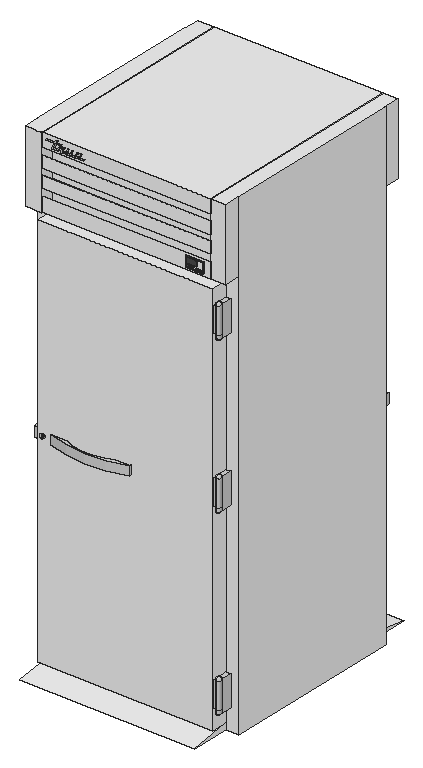
Revit family
Parameters
  Weight in Pounds = 0
  Watts = 2000 W
  Volts = 115 V
  URL Cutsheet = "www.truemfg.com"
  URL = "www.truemfg.com"
  Type Mark [instance] = ""
  Type Comments = ""
  Status [instance] = ""
  Specification by User [instance] = ""
  Specification by Manufacturer = ""
  Show Logo [instance] = yes
  Show Clearance [instance] = yes
  Serial Number = ""
  Seismic Rating = ""
  SMACNA No = ""
  Revision Code [instance] = ""
  Phase = 1
  Omniclass Number and Title = ""
  Number of Poles [instance] = 1
  NAFEM Spec ID Number = ""
  Model = "STG1HRT-1S-1S"
  Min Ckt Ampacity = 0 A
  Max Overcurrent Protection = 0 A
  Masterspec = ""
  Manufacturer = "TRUE FOOD SERVICE EQUIPMENT, INC."
  Length = 35"
  Item Number [instance] = ""
  Installed By [instance] = ""
  Identify Quantity as Lot [instance] = yes
  Height = 83 3/4"
  HP = ""
  Furnished By [instance] = ""
  Foodservice Equipment Identifier [instance] = yes
  FL Amps = Watts / Volts  # 17.3913 A
  Electrical Remarks [instance] = ""
  Electric Connection Type [instance] = ""
  Elec Conn RI Height [instance] = 0"
  Elec Conn Connection Height [instance] = 0"
  Description = "Roll-thru Solid Swing Door Heated Cabinet"
  Depth = 37 1/2"
  Cycle = 60 Hz
  Conn Plug = "14-20P"
  Conn Conduit = yes
  CSI MasterFormat = ""
  CSI Master Format = ""
  Apparent Power = if(Phase = 3, Volts * FL Amps * 1.73, Volts * FL Amps)  # 2000 VA
Reference planes (in)
  plane 1 "BACK": y = 0
  plane 2: z = 0
  plane 3 "LEFT": x = 0
  plane 4 "RIGHT": x = 35
  plane 5 "FRONT": y = -37.5
  plane 6 "TOP": z = 83.75
  plane 7: x = 2.84375
  plane 8: y = -37.4542
  plane 9: x = 32.15625
  plane 10: y = -0.0458
  plane 11: y = -18.75
  plane 12: z = 69.90625
Forms (in)
  Extrusion 1, solid, material "QF_Finishes_Chrome - Satin"
    sketch origin (0.05, 0, 0) x (1, 0, 0) y (0, 1, 0)
      loop
        line (-0.05, -2.75) -> (-0.05, -34.75) -> (2.87859, -34.75) -> (2.87859, -2.75) -> (-0.05, -2.75)
    from 0 to 83.75
  Extrusion 2, solid, material "QF_Finishes_Chrome - Satin"
    sketch origin (50.15, 0, 0) x (1, 0, 0) y (0, 1, 0)
      loop
        line (-17.85, -2.75) -> (-17.85, -34.75) -> (-15.15, -34.75) -> (-15.15, -2.75) -> (-17.85, -2.75)
    from 0 to 83.75
  Extrusion 3, solid, material "QF_Finishes_Chrome - Satin"
    sketch origin (0, 0, 0) x (0, 1, 0) y (0, 0, 1)
      loop
        line (-37.4542, 71.28125) -> (-34.75, 71.28125) -> (-34.75, 0) -> (-2.75, 0) -> (-2.75, 71.28125) -> (-0.0458, 71.28125) -> (-0.0458, 73.81726) -> (-2.25, 72.25) -> (-2.25, 73.52557) -> (-0.0458, 75.09284) -> (-0.0458, 77.18904) -> (-2.25, 75.62178) -> (-2.25, 76.58254) -> (-0.0458, 78.1498) -> (-0.0458, 80.28351) -> (-2.25, 78.71625) -> (-2.25, 79.83852) -> (-0.0458, 81.40578) -> (-0.0458, 83.75) -> (-37.4542, 83.75) -> (-37.4542, 81.40578) -> (-35.25, 79.83852) -> (-35.25, 78.71625) -> (-37.4542, 80.28351) -> (-37.4542, 78.1498) -> (-35.25, 76.58254) -> (-35.25, 75.62178) -> (-37.4542, 77.18904) -> (-37.4542, 75.09284) -> (-35.25, 73.52557) -> (-35.25, 72.25) -> (-37.4542, 73.81726) -> (-37.4542, 71.28125)
    from 2.92859 to 32.3
  Extrusion 4, solid, material "QF_Finishes_Chrome - Satin"
    sketch origin (0, 0, 0) x (1, 0, 0) y (0, 1, 0)
      loop
        line (34.84782, -34.75) -> (32.3, -34.75) -> (32.3, -37.5) -> (34.84782, -37.5) -> (34.84782, -34.75)
      loop
        line (34.84782, -2.75) -> (34.84782, 0) -> (32.3, 0) -> (32.3, -2.75) -> (34.84782, -2.75)
    from 71.28125 to 83.75
  Extrusion 5, solid, material "QF_Finishes_Chrome - Satin"
    sketch origin (-50.125, 0, 0.25) x (1, 0, 0) y (0, 1, 0)
      loop
        line (53.05359, -34.75) -> (50.24109, -34.75) -> (50.24109, -37.5) -> (53.05359, -37.5) -> (53.05359, -34.75)
      loop
        line (53.05359, -2.75) -> (53.05359, 0) -> (50.24109, 0) -> (50.24109, -2.75) -> (53.05359, -2.75)
    from 71.03125 to 83.5
  Extrusion 6, solid, material "QF_Finishes_Chrome - Satin"
    sketch origin (-24.96875, -3.75, -0.71875) x (1, 0, 0) y (0, 0, 1)
      loop
        line (27.25, 1.71875) -> (57.65625, 1.71875) -> (57.65625, 70.625) -> (27.25, 70.625) -> (27.25, 1.71875)
    from 31 to 33.75
  Extrusion 7, solid, material "QF_Finishes_Handrails and Railings"
    sketch origin (58.625, -0.25, 24.93519) x (1, 0, 0) y (0, 1, 0)
      loop
        line (-53.875, -37.25) -> (-53.875, -37.45)
        arc (-53.875, -37.45) -> (-47.075, -38.65633) -> (-40.275, -37.45) r 19.7687
        line (-40.275, -37.45) -> (-40.275, -37.25) -> (-42.675, -37.25)
        arc (-42.675, -37.25) -> (-47.075, -38.40816) -> (-51.475, -37.25) r 8.93713
        line (-51.475, -37.25) -> (-53.875, -37.25)
    from 10.87731 to 12.37731
  Extrusion 8, solid, material "QF_Finishes_Handrails and Railings"
    sketch origin (-23.375, -3.83467, -3.5) x (1, 0, 0) y (0, 0, 1)
      loop
        circle (26.4375, 40.0625) r 0.35
      loop
        line (26.47265, 40.33635) -> (26.41715, 40.33635) -> (26.41715, 39.76895) -> (26.47265, 39.76895) -> (26.47265, 40.33635)
    from 33.5 to 33.83066
  Extrusion 9, solid, material "QF_Finishes_Handrails and Railings", visible <- "Show Logo"
    sketch origin (0.33478, -2.68623, 4.98732) x (1, 0, 0) y (0, 0, 1)
      loop
        line (3.46044, 78.08731) -> (3.35478, 77.86073) -> (4.76027, 77.86073)
        arc (4.76027, 77.86073) -> (4.78879, 77.81028) -> (4.76027, 77.75984) r 0.05887
        line (4.76027, 77.75984) -> (4.39369, 76.97372)
        arc (4.39369, 76.97372) -> (4.39051, 76.90091) -> (4.43975, 76.84717) r 0.09523
        line (4.43975, 76.84717) -> (5.33844, 76.84717)
        arc (5.33844, 76.84717) -> (5.45192, 76.88295) -> (5.52436, 76.97735) r 0.19785
        line (5.52436, 76.97735) -> (5.81285, 77.59601) -> (6.0779, 77.59601)
        arc (6.0779, 77.59601) -> (6.14744, 77.57043) -> (6.13737, 77.49703) r 0.05911
        line (6.13737, 77.49703) -> (5.89598, 76.97937)
        arc (5.89598, 76.97937) -> (5.89974, 76.8934) -> (5.97231, 76.84717) r 0.09318
        line (5.97231, 76.84717) -> (6.76198, 76.84717)
        arc (6.76198, 76.84717) -> (6.82249, 76.86919) -> (6.85468, 76.92495) r 0.09412
        arc (6.85468, 76.92495) -> (6.87746, 76.86995) -> (6.93246, 76.84717) r 0.07778
        line (6.93246, 76.84717) -> (7.43246, 76.84717)
        arc (7.43246, 76.84717) -> (7.49022, 76.86265) -> (7.53251, 76.90493) r 0.11552
        arc (7.53251, 76.90493) -> (7.55275, 76.85606) -> (7.60162, 76.83581) r 0.06912
        line (7.60162, 76.83581) -> (8.31225, 76.83581)
        arc (8.31225, 76.83581) -> (8.37034, 76.85988) -> (8.39441, 76.91797) r 0.08216
        arc (8.39441, 76.91797) -> (8.44767, 76.86472) -> (8.52042, 76.84522) r 0.14551
        line (8.52042, 76.84522) -> (9.85158, 76.84522) -> (9.99946, 77.10134) -> (8.65678, 77.10134)
        arc (8.65678, 77.10134) -> (8.61972, 77.12704) -> (8.61834, 77.17211) r 0.05009
        line (8.61834, 77.17211) -> (8.64157, 77.22192)
        arc (8.64157, 77.22192) -> (8.67723, 77.26864) -> (8.73327, 77.28635) r 0.09747
        line (8.73327, 77.28635) -> (9.16485, 77.28635)
        arc (9.16485, 77.28635) -> (9.258, 77.31131) -> (9.32619, 77.3795) r 0.1863
        line (9.32619, 77.3795) -> (9.45119, 77.59601)
        arc (9.45119, 77.59601) -> (9.45119, 77.71157) -> (9.35111, 77.76934) r 0.11556
        line (9.35111, 77.76934) -> (8.89562, 77.76934)
        arc (8.89562, 77.76934) -> (8.7795, 77.74962) -> (8.69849, 77.66412) r 0.18605
        line (8.69849, 77.66412) -> (8.48204, 77.19993)
        arc (8.48204, 77.19993) -> (8.41815, 77.11667) -> (8.31806, 77.08511) r 0.1745
        line (8.31806, 77.08511) -> (7.84559, 77.08511)
        arc (7.84559, 77.08511) -> (7.78903, 77.14684) -> (7.79268, 77.23048) r 0.10939
        line (7.79268, 77.23048) -> (8.04395, 77.76934) -> (7.88403, 77.76934) -> (7.61781, 77.19844)
        arc (7.61781, 77.19844) -> (7.56609, 77.13103) -> (7.48505, 77.10548) r 0.14128
        line (7.48505, 77.10548) -> (7.15925, 77.10548)
        arc (7.15925, 77.10548) -> (7.10419, 77.17723) -> (7.116, 77.26689) r 0.11816
        line (7.116, 77.26689) -> (7.3503, 77.76934) -> (7.18514, 77.76934) -> (6.91546, 77.191)
        arc (6.91546, 77.191) -> (6.85285, 77.12839) -> (6.76733, 77.10548) r 0.17104
        line (6.76733, 77.10548) -> (6.29555, 77.10548)
        arc (6.29555, 77.10548) -> (6.21082, 77.14499) -> (6.20267, 77.23813) r 0.0935
        line (6.20267, 77.23813) -> (6.35774, 77.57069) -> (6.57695, 77.57069)
        arc (6.57695, 77.57069) -> (6.61395, 77.68217) -> (6.69267, 77.76934) r 0.2857
        line (6.69267, 77.76934) -> (5.83605, 77.76934)
        arc (5.83605, 77.76934) -> (5.74086, 77.74824) -> (5.67498, 77.67635) r 0.16212
        line (5.67498, 77.67635) -> (5.44279, 77.17841)
        arc (5.44279, 77.17841) -> (5.3894, 77.12502) -> (5.31647, 77.10548) r 0.14586
        line (5.31647, 77.10548) -> (4.80506, 77.10548)
        arc (4.80506, 77.10548) -> (4.76514, 77.15942) -> (4.77274, 77.22609) r 0.09155
        line (4.77274, 77.22609) -> (5.11018, 77.86073) -> (5.96155, 77.86073) -> (6.06721, 78.08731) -> (5.21584, 78.08731) -> (5.32149, 78.31388) -> (5.01862, 78.31388) -> (4.91297, 78.08731) -> (3.46044, 78.08731)
      loop
        arc (8.83805, 77.56363) -> (8.80119, 77.55375) -> (8.7742, 77.52676) r 0.07373
        line (8.7742, 77.52676) -> (8.75229, 77.45936)
        arc (8.75229, 77.45936) -> (8.76245, 77.43483) -> (8.78699, 77.42466) r 0.0347
        line (8.78699, 77.42466) -> (9.15948, 77.42466)
        arc (9.15948, 77.42466) -> (9.18632, 77.43061) -> (9.20812, 77.44734) r 0.0635
        line (9.20812, 77.44734) -> (9.22624, 77.53122)
        arc (9.22624, 77.53122) -> (9.22091, 77.55368) -> (9.20009, 77.56363) r 0.02676
        line (9.20009, 77.56363) -> (8.83805, 77.56363)
    from 34.76797 to 34.83173
  Extrusion 10, solid, material "QF_Finishes_White"
    sketch origin (-22.74812, -2.7042, -7.97497) x (1, 0, 0) y (0, 0, 1)
      loop
        line (50.81732, 81.35727) -> (50.81732, 79.60996) -> (53.72357, 79.60996) -> (53.72357, 81.35727) -> (50.81732, 81.35727)
    from 34.75 to 34.76797
  Extrusion 11, solid, material "QF_Finishes_Black"
    sketch origin (-22.74812, -2.7042, -7.97497) x (1, 0, 0) y (0, 0, 1)
      loop
        line (53.78607, 81.41977) -> (50.75482, 81.41977) -> (50.75482, 79.54746) -> (53.78607, 79.54746) -> (53.78607, 81.41977)
      loop
        spline (50.95482, 79.87872) -> (50.96333, 79.86254) -> (50.98831, 79.84747) -> (51.02804, 79.83452) -> (51.07982, 79.82459) -> (51.14011, 79.81835) -> (51.20482, 79.81622) -> (51.26952, 79.81835) -> (51.32982, 79.82459) -> (51.38159, 79.83452) -> (51.42132, 79.84747) -> (51.4463, 79.86254) -> (51.45482, 79.87872)
        spline (51.45482, 79.87872) -> (51.4463, 79.89489) -> (51.42132, 79.90997) -> (51.38159, 79.92291) -> (51.32982, 79.93284) -> (51.26952, 79.93909) -> (51.20482, 79.94122) -> (51.14011, 79.93909) -> (51.07982, 79.93284) -> (51.02804, 79.92291) -> (50.98831, 79.90997) -> (50.96333, 79.89489) -> (50.95482, 79.87872)
      loop
        spline (51.65083, 79.87872) -> (51.65935, 79.86254) -> (51.68432, 79.84747) -> (51.72405, 79.83452) -> (51.77583, 79.82459) -> (51.83612, 79.81835) -> (51.90083, 79.81622) -> (51.96553, 79.81835) -> (52.02583, 79.82459) -> (52.07761, 79.83452) -> (52.11734, 79.84747) -> (52.14231, 79.86254) -> (52.15083, 79.87872)
        spline (52.15083, 79.87872) -> (52.14231, 79.89489) -> (52.11734, 79.90997) -> (52.07761, 79.92291) -> (52.02583, 79.93284) -> (51.96553, 79.93909) -> (51.90083, 79.94122) -> (51.83612, 79.93909) -> (51.77583, 79.93284) -> (51.72405, 79.92291) -> (51.68432, 79.90997) -> (51.65935, 79.89489) -> (51.65083, 79.87872)
      loop
        spline (52.40083, 79.87872) -> (52.40935, 79.86254) -> (52.43432, 79.84747) -> (52.47405, 79.83452) -> (52.52583, 79.82459) -> (52.58612, 79.81835) -> (52.65083, 79.81622) -> (52.71553, 79.81835) -> (52.77583, 79.82459) -> (52.82761, 79.83452) -> (52.86734, 79.84747) -> (52.89231, 79.86254) -> (52.90083, 79.87872)
        spline (52.90083, 79.87872) -> (52.89231, 79.89489) -> (52.86734, 79.90997) -> (52.82761, 79.92291) -> (52.77583, 79.93284) -> (52.71553, 79.93909) -> (52.65083, 79.94122) -> (52.58612, 79.93909) -> (52.52583, 79.93284) -> (52.47405, 79.92291) -> (52.43432, 79.90997) -> (52.40935, 79.89489) -> (52.40083, 79.87872)
      loop
        line (50.95481, 81.21978) -> (50.95481, 80.21978) -> (52.65433, 80.21978) -> (52.65433, 81.21978) -> (50.95481, 81.21978)
      loop
        line (53.72357, 81.35727) -> (50.81732, 81.35727) -> (50.81732, 79.60996) -> (53.72357, 79.60996) -> (53.72357, 81.35727)
      loop
        spline (53.15083, 79.87872) -> (53.15935, 79.86254) -> (53.18432, 79.84747) -> (53.22405, 79.83452) -> (53.27583, 79.82459) -> (53.33612, 79.81835) -> (53.40083, 79.81622) -> (53.46553, 79.81835) -> (53.52583, 79.82459) -> (53.57761, 79.83452) -> (53.61734, 79.84747) -> (53.64231, 79.86254) -> (53.65083, 79.87872)
        spline (53.65083, 79.87872) -> (53.64231, 79.89489) -> (53.61734, 79.90997) -> (53.57761, 79.92291) -> (53.52583, 79.93284) -> (53.46553, 79.93909) -> (53.40083, 79.94122) -> (53.33612, 79.93909) -> (53.27583, 79.93284) -> (53.22405, 79.92291) -> (53.18432, 79.90997) -> (53.15935, 79.89489) -> (53.15083, 79.87872)
    from 34.76797 to 34.80335
  Extrusion 12, solid
    sketch origin (-25.125, 0, 0) x (1, 0, 0) y (0, 0, 1)
      loop
        circle (56.875, 81.625) r 0.25
    from 0 to 0.0625
  Blend 13, solid, material "QF_Finishes_Handrails and Railings"
    base sketch origin (27.53125, -3.75, -1.5) x (-1, 0, 0) y (0, 0, -1)
      loop
        line (25.25, -38.99169) -> (26, -38.99169) -> (26, -37.24169) -> (25.25, -37.24169) -> (25.25, -38.99169)
    top sketch origin (27.53125, 0, -1.5) x (-1, 0, 0) y (0, 0, -1)
      loop
        line (26.18223, -36.6441) -> (25.25, -36.6441) -> (25.25, -39.42643) -> (26.18223, -39.42643) -> (26.18223, -36.6441)
    from 33.57883 to 34.75
  Extrusion 14, solid, material "QF_Finishes_Handrails and Railings"
    sketch origin (33.78125, 0, 3.25) x (0, 1, 0) y (0, 0, -1)
      loop
        line (-34.75, -64.17729) -> (-34.75, -58.86127) -> (-37, -58.86127) -> (-37, -59.57348) -> (-36.56497, -59.57348) -> (-36.56497, -63.97276)
        arc (-36.56497, -63.97276) -> (-36.50506, -64.11738) -> (-36.36044, -64.17729) r 0.20453
        line (-36.36044, -64.17729) -> (-34.75, -64.17729)
    from 0.17506 to 1
  Revolve 15, solid, material "QF_Finishes_Handrails and Railings"
    sketch origin (33.28125, 0, 3.25) x (0, 1, 0) y (0, 0, -1)
      loop
        line (-37.01563, -59.62689) -> (-37.42229, -59.62689) -> (-37.42229, -64.0986)
        arc (-37.42229, -64.0986) -> (-37.28722, -64.35057) -> (-37.01563, -64.43983) r 0.3848
        line (-37.01563, -64.43983) -> (-37.01563, -59.62689)
      loop
        line (-37.01563, -59.57348) -> (-37.01563, -58.67281)
        arc (-37.01563, -58.67281) -> (-37.28264, -58.75883) -> (-37.42229, -59.00212) r 0.38884
        line (-37.42229, -59.00212) -> (-37.42229, -59.57348) -> (-37.01563, -59.57348)
      axis (-37.01563, -58.67281) -> (-37.01563, -64.43983)
    angle from 0 to 360
  Extrusion 16, solid, material "QF_Finishes_Handrails and Railings"
    sketch origin (27.5, -3.82734, 3.2511) x (-1, 0, 0) y (0, 0, -1)
      loop
        line (-5.58509, -64.0986) -> (-5.1875, -64.0986) -> (-5.1875, -59.62579) -> (-5.58509, -59.62579) -> (-5.58509, -64.0986)
    from 32.81497 to 33.59495
  Extrusion 17, solid, material "QF_Finishes_Handrails and Railings"
    sketch origin (33.78125, 0, -24) x (0, 1, 0) y (0, 0, -1)
      loop
        line (-34.75, -64.55229) -> (-34.75, -59.23627) -> (-37, -59.23627) -> (-37, -59.94848) -> (-36.56497, -59.94848) -> (-36.56497, -64.34776)
        arc (-36.56497, -64.34776) -> (-36.50506, -64.49238) -> (-36.36044, -64.55229) r 0.20453
        line (-36.36044, -64.55229) -> (-34.75, -64.55229)
    from 0.17506 to 1
  Revolve 18, solid, material "QF_Finishes_Handrails and Railings"
    sketch origin (33.28125, 0, -24) x (0, 1, 0) y (0, 0, -1)
      loop
        line (-37.01563, -60.00189) -> (-37.42229, -60.00189) -> (-37.42229, -64.4736)
        arc (-37.42229, -64.4736) -> (-37.28722, -64.72557) -> (-37.01563, -64.81483) r 0.3848
        line (-37.01563, -64.81483) -> (-37.01563, -60.00189)
      loop
        line (-37.01563, -59.94848) -> (-37.01563, -59.04781)
        arc (-37.01563, -59.04781) -> (-37.28264, -59.13383) -> (-37.42229, -59.37712) r 0.38884
        line (-37.42229, -59.37712) -> (-37.42229, -59.94848) -> (-37.01563, -59.94848)
      axis (-37.01563, -59.04781) -> (-37.01563, -64.81483)
    angle from 0 to 360
  Extrusion 19, solid, material "QF_Finishes_Handrails and Railings"
    sketch origin (27.5, -3.82734, -23.9989) x (-1, 0, 0) y (0, 0, -1)
      loop
        line (-5.58509, -64.4736) -> (-5.1875, -64.4736) -> (-5.1875, -60.00079) -> (-5.58509, -60.00079) -> (-5.58509, -64.4736)
    from 32.81497 to 33.59495
  Extrusion 20, solid, material "QF_Finishes_Handrails and Railings"
    sketch origin (33.78125, 0, -55.5) x (0, 1, 0) y (0, 0, -1)
      loop
        line (-34.75, -64.55229) -> (-34.75, -59.23627) -> (-37, -59.23627) -> (-37, -59.94848) -> (-36.56497, -59.94848) -> (-36.56497, -64.34776)
        arc (-36.56497, -64.34776) -> (-36.50506, -64.49238) -> (-36.36044, -64.55229) r 0.20453
        line (-36.36044, -64.55229) -> (-34.75, -64.55229)
    from 0.17506 to 1
  Revolve 21, solid, material "QF_Finishes_Handrails and Railings"
    sketch origin (33.28125, 0, -55.5) x (0, 1, 0) y (0, 0, -1)
      loop
        line (-37.01563, -60.00189) -> (-37.42229, -60.00189) -> (-37.42229, -64.4736)
        arc (-37.42229, -64.4736) -> (-37.28722, -64.72557) -> (-37.01563, -64.81483) r 0.3848
        line (-37.01563, -64.81483) -> (-37.01563, -60.00189)
      loop
        line (-37.01563, -59.94848) -> (-37.01563, -59.04781)
        arc (-37.01563, -59.04781) -> (-37.28264, -59.13383) -> (-37.42229, -59.37712) r 0.38884
        line (-37.42229, -59.37712) -> (-37.42229, -59.94848) -> (-37.01563, -59.94848)
      axis (-37.01563, -59.04781) -> (-37.01563, -64.81483)
    angle from 0 to 360
  Extrusion 22, solid, material "QF_Finishes_Handrails and Railings"
    sketch origin (27.5, -3.82734, -55.4989) x (-1, 0, 0) y (0, 0, -1)
      loop
        line (-5.58509, -64.4736) -> (-5.1875, -64.4736) -> (-5.1875, -60.00079) -> (-5.58509, -60.00079) -> (-5.58509, -64.4736)
    from 32.81497 to 33.59495
  Extrusion 23, solid, material "QF_Finishes_Door Clearance", visible <- "Show Clearance", detail levels coarse
    sketch origin (26.42841, -3.6098, 0) x (1, 0, 0) y (0, 1, 0)
      loop
        line (6.32159, -33.8902) -> (-24.14716, -33.8902)
        arc (-24.14716, -33.8902) -> (-15.22307, -55.43486) -> (6.32159, -64.35895) r 30.46875
        line (6.32159, -64.35895) -> (6.32159, -33.8902)
    from 1 to 69.90625
  Extrusion 24, solid, material "QF_Finishes_Chrome - Satin"
    sketch origin (32.6875, -3.75, 8.03125) x (0, 0, 1) y (0, -1, 0)
      loop
        line (-8.03125, 37.6875) -> (-8.03125, 31) -> (-7.03125, 31) -> (-8.03125, 37.6875)
    from 0 to -30.40625
  Extrusion 25, solid, material "QF_Finishes_Chrome - Satin"
    sketch origin (59.96875, -33.75, -0.71875) x (-1, 0, 0) y (0, 0, 1)
      loop
        line (27.25, 1.71875) -> (57.65625, 1.71875) -> (57.65625, 70.625) -> (27.25, 70.625) -> (27.25, 1.71875)
    from 31 to 33.75
  Extrusion 26, solid, material "QF_Finishes_Handrails and Railings"
    sketch origin (-23.625, -37.25, 24.93519) x (-1, 0, 0) y (0, -1, 0)
      loop
        line (-53.875, -37.25) -> (-53.875, -37.45)
        arc (-53.875, -37.45) -> (-47.075, -38.65628) -> (-40.275, -37.45) r 19.76948
        line (-40.275, -37.45) -> (-40.275, -37.25) -> (-42.675, -37.25)
        arc (-42.675, -37.25) -> (-47.075, -38.40816) -> (-51.475, -37.25) r 8.93715
        line (-51.475, -37.25) -> (-53.875, -37.25)
    from 10.87731 to 12.37731
  Extrusion 27, solid, material "QF_Finishes_Handrails and Railings"
    sketch origin (58.375, -33.66533, -3.5) x (-1, 0, 0) y (0, 0, 1)
      loop
        circle (26.4375, 40.0625) r 0.35
      loop
        line (26.47265, 40.33635) -> (26.41715, 40.33635) -> (26.41715, 39.76895) -> (26.47265, 39.76895) -> (26.47265, 40.33635)
    from 33.5 to 33.83066
  Blend 28, solid, material "QF_Finishes_Handrails and Railings"
    base sketch origin (7.46875, -33.75, -1.5) x (1, 0, 0) y (0, 0, -1)
      loop
        line (25.25, -38.99169) -> (26, -38.99169) -> (26, -37.24169) -> (25.25, -37.24169) -> (25.25, -38.99169)
    top sketch origin (7.46875, -37.5, -1.5) x (1, 0, 0) y (0, 0, -1)
      loop
        line (26.18223, -36.6441) -> (25.25, -36.6441) -> (25.25, -39.42643) -> (26.18223, -39.42643) -> (26.18223, -36.6441)
    from 33.57883 to 34.75
  Extrusion 29, solid, material "QF_Finishes_Handrails and Railings"
    sketch origin (1.21875, -37.5, 3.25) x (0, -1, 0) y (0, 0, -1)
      loop
        line (-34.75, -64.17729) -> (-34.75, -58.86127) -> (-37, -58.86127) -> (-37, -59.57348) -> (-36.56497, -59.57348) -> (-36.56497, -63.97276)
        arc (-36.56497, -63.97276) -> (-36.50506, -64.11738) -> (-36.36044, -64.17729) r 0.20453
        line (-36.36044, -64.17729) -> (-34.75, -64.17729)
    from 0.17506 to 1
  Revolve 30, solid, material "QF_Finishes_Handrails and Railings"
    sketch origin (1.71875, -37.5, 3.25) x (0, -1, 0) y (0, 0, -1)
      loop
        line (-37.01563, -59.62689) -> (-37.42229, -59.62689) -> (-37.42229, -64.0986)
        arc (-37.42229, -64.0986) -> (-37.28722, -64.35057) -> (-37.01563, -64.43983) r 0.3848
        line (-37.01563, -64.43983) -> (-37.01563, -59.62689)
      loop
        line (-37.01563, -59.57348) -> (-37.01563, -58.67281)
        arc (-37.01563, -58.67281) -> (-37.28264, -58.75883) -> (-37.42229, -59.00212) r 0.38884
        line (-37.42229, -59.00212) -> (-37.42229, -59.57348) -> (-37.01563, -59.57348)
      axis (-37.01563, -58.67281) -> (-37.01563, -64.43983)
    angle from 0 to 360
  Extrusion 31, solid, material "QF_Finishes_Handrails and Railings"
    sketch origin (7.5, -33.67266, 3.2511) x (1, 0, 0) y (0, 0, -1)
      loop
        line (-5.58509, -64.0986) -> (-5.1875, -64.0986) -> (-5.1875, -59.62579) -> (-5.58509, -59.62579) -> (-5.58509, -64.0986)
    from 32.81497 to 33.59495
  Extrusion 32, solid, material "QF_Finishes_Handrails and Railings"
    sketch origin (1.21875, -37.5, -24) x (0, -1, 0) y (0, 0, -1)
      loop
        line (-34.75, -64.55229) -> (-34.75, -59.23627) -> (-37, -59.23627) -> (-37, -59.94848) -> (-36.56497, -59.94848) -> (-36.56497, -64.34776)
        arc (-36.56497, -64.34776) -> (-36.50506, -64.49238) -> (-36.36044, -64.55229) r 0.20453
        line (-36.36044, -64.55229) -> (-34.75, -64.55229)
    from 0.17506 to 1
  Revolve 33, solid, material "QF_Finishes_Handrails and Railings"
    sketch origin (1.71875, -37.5, -24) x (0, -1, 0) y (0, 0, -1)
      loop
        line (-37.01563, -60.00189) -> (-37.42229, -60.00189) -> (-37.42229, -64.4736)
        arc (-37.42229, -64.4736) -> (-37.28722, -64.72557) -> (-37.01563, -64.81483) r 0.3848
        line (-37.01563, -64.81483) -> (-37.01563, -60.00189)
      loop
        line (-37.01563, -59.94848) -> (-37.01563, -59.04781)
        arc (-37.01563, -59.04781) -> (-37.28264, -59.13383) -> (-37.42229, -59.37712) r 0.38884
        line (-37.42229, -59.37712) -> (-37.42229, -59.94848) -> (-37.01563, -59.94848)
      axis (-37.01563, -59.04781) -> (-37.01563, -64.81483)
    angle from 0 to 360
  Extrusion 34, solid, material "QF_Finishes_Handrails and Railings"
    sketch origin (7.5, -33.67266, -23.9989) x (1, 0, 0) y (0, 0, -1)
      loop
        line (-5.58509, -64.4736) -> (-5.1875, -64.4736) -> (-5.1875, -60.00079) -> (-5.58509, -60.00079) -> (-5.58509, -64.4736)
    from 32.81497 to 33.59495
  Extrusion 35, solid, material "QF_Finishes_Handrails and Railings"
    sketch origin (1.21875, -37.5, -55.5) x (0, -1, 0) y (0, 0, -1)
      loop
        line (-34.75, -64.55229) -> (-34.75, -59.23627) -> (-37, -59.23627) -> (-37, -59.94848) -> (-36.56497, -59.94848) -> (-36.56497, -64.34776)
        arc (-36.56497, -64.34776) -> (-36.50506, -64.49238) -> (-36.36044, -64.55229) r 0.20453
        line (-36.36044, -64.55229) -> (-34.75, -64.55229)
    from 0.17506 to 1
  Revolve 36, solid, material "QF_Finishes_Handrails and Railings"
    sketch origin (1.71875, -37.5, -55.5) x (0, -1, 0) y (0, 0, -1)
      loop
        line (-37.01563, -60.00189) -> (-37.42229, -60.00189) -> (-37.42229, -64.4736)
        arc (-37.42229, -64.4736) -> (-37.28722, -64.72557) -> (-37.01563, -64.81483) r 0.3848
        line (-37.01563, -64.81483) -> (-37.01563, -60.00189)
      loop
        line (-37.01563, -59.94848) -> (-37.01563, -59.04781)
        arc (-37.01563, -59.04781) -> (-37.28264, -59.13383) -> (-37.42229, -59.37712) r 0.38884
        line (-37.42229, -59.37712) -> (-37.42229, -59.94848) -> (-37.01563, -59.94848)
      axis (-37.01563, -59.04781) -> (-37.01563, -64.81483)
    angle from 0 to 360
  Extrusion 37, solid, material "QF_Finishes_Handrails and Railings"
    sketch origin (7.5, -33.67266, -55.4989) x (1, 0, 0) y (0, 0, -1)
      loop
        line (-5.58509, -64.4736) -> (-5.1875, -64.4736) -> (-5.1875, -60.00079) -> (-5.58509, -60.00079) -> (-5.58509, -64.4736)
    from 32.81497 to 33.59495
  Extrusion 38, solid, material "QF_Finishes_Door Clearance", visible <- "Show Clearance", detail levels coarse
    sketch origin (8.57159, -33.8902, 0) x (-1, 0, 0) y (0, -1, 0)
      loop
        line (6.32159, -33.8902) -> (-24.14716, -33.8902)
        arc (-24.14716, -33.8902) -> (-15.22307, -55.43486) -> (6.32159, -64.35895) r 30.46875
        line (6.32159, -64.35895) -> (6.32159, -33.8902)
    from 1 to 69.90625
  Extrusion 39, solid, material "QF_Finishes_Chrome - Satin"
    sketch origin (2.3125, -33.75, 8.03125) x (0, 0, 1) y (0, 1, 0)
      loop
        line (-8.03125, 37.6875) -> (-8.03125, 31) -> (-7.03125, 31) -> (-8.03125, 37.6875)
    from 0 to -30.40625
Cuts and joins
  joined: Extrusion 1, Extrusion 2, Extrusion 4, Extrusion 5
Lines and regions (in)
  symbolic lines
    curve 1: line (0, 0, 0) -> (35, 0, 0)
    curve 2: line (0, -37.5, 0) -> (0, 0, 0)
    curve 3: line (35, -37.5, 0) -> (0, -37.5, 0)
    curve 4: line (35, 0, 0) -> (35, -37.5, 0)
    curve 5: line (35, -35.25, 0) -> (0, -35.25, 0)
    curve 6: arc (15.95746, -37.5, 0) -> (11.55746, -38.65816, 0) -> (7.15746, -37.5, 0) r 8.93715
    curve 7: line (4.75746, -37.5, 0) -> (4.75746, -37.70273, 0)
    curve 8: line (18.35746, -37.69726, 0) -> (18.35746, -37.5, 0)
    curve 13: line (16.65, 0.2, 0) -> (16.65, 0, 0)
    curve 14: line (30.25, 0, 0) -> (30.25, 0.2, 0)
    curve 15: arc (19.05, 0, 0) -> (23.45, 1.15816, 0) -> (27.85, 0, 0) r 8.93715
    curve 16: arc (4.75746, -37.70273, 0) -> (11.55795, -38.90633, 0) -> (18.35746, -37.69726, 0) r 19.7687
    curve 17: arc (30.25, 0.2, 0) -> (23.45, 1.40628, 0) -> (16.65, 0.2, 0) r 19.76948
    curve 18: line (35, -2.25, 0) -> (0, -2.25, 0)
  symbolic lines, style "QF-Door Swings", visible <- "Show Clearance", detail levels coarse
    curve 9: line (32.75, -37.5, 0) -> (32.75, -67.96875, 0)
    curve 10: arc (32.75, -67.96875, 0) -> (11.20534, -59.04466, 0) -> (2.28125, -37.5, 0) r 30.46875
    curve 11: line (2.25, 0, 0) -> (2.25, 30.46875, 0)
    curve 12: arc (2.25, 30.46875, 0) -> (23.79466, 21.54466, 0) -> (32.71875, 0, 0) r 30.46875
Dimensions and locks (in)
  "Depth": plane 5 "FRONT" to plane 1 "BACK"
  plane 6 "TOP" to level = 83 3/4"  (x2)
  Extrusion 6 sketch curve to Extrusion 6 sketch curve = 30 13/32"
  Extrusion 6 to plane 1 "BACK" = 37 1/2"
  "Length": plane 3 "LEFT" to plane 4 "RIGHT"
  plane 4 "RIGHT" to plane 3 "LEFT" = 35"
  plane 5 "FRONT" to plane 1 "BACK" = 37 1/2"
  Extrusion 25 sketch curve to Extrusion 25 sketch curve = 30 13/32"
  plane 12 to level = 69 29/32"
  aligned and locked: level to plane 2
Automatic sketch dimensions
  Extrusion 39 sketch curve to Extrusion 25 = 0"
  Extrusion 39 sketch curve to Extrusion 39 sketch curve = 1"
  Extrusion 39 sketch curve to Extrusion 25 = 3 15/16"
  Extrusion 1 sketch curve to plane 3 "LEFT" = 0"
  plane 1 "BACK" to Extrusion 1 sketch curve = 2 3/4"
  plane 7 to Extrusion 1 sketch curve = 0.08484"
  Extrusion 1 sketch curve to plane 5 "FRONT" = 2 3/4"
  plane 1 "BACK" to Extrusion 2 sketch curve = 2 3/4"
  Extrusion 2 sketch curve to plane 4 "RIGHT" = 0"
  Extrusion 2 sketch curve to plane 9 = 0.14375"
  Extrusion 2 sketch curve to plane 5 "FRONT" = 2 3/4"
  Extrusion 3 sketch curve to plane 8 = 0"  (x4)
  Extrusion 3 sketch curve to level = 0"
  Extrusion 3 sketch curve to plane 10 = 0"  (x4)
  Extrusion 3 sketch curve to plane 6 "TOP" = 0"
  plane 8 to Extrusion 3 sketch curve = 2.2042"
  Extrusion 3 sketch curve to Extrusion 3 sketch curve = 0"  (x3)
  plane 8 to Extrusion 3 sketch curve = 2.7042"
  Extrusion 3 sketch curve to Extrusion 3 sketch curve = 2.7042"
  plane 10 to Extrusion 3 sketch curve = 2.2042"
  Extrusion 3 sketch curve to Extrusion 3 sketch curve = 1/2"
  Extrusion 3 sketch curve to plane 6 "TOP" = 12 15/32"  (x2)
  Extrusion 3 sketch curve to Extrusion 3 sketch curve = 31/32"  (x2)
  Extrusion 3 sketch curve to Extrusion 3 sketch curve = 1.27557"  (x4)
  Extrusion 3 sketch curve to Extrusion 3 sketch curve = 0.29169"  (x2)
  Extrusion 3 sketch curve to Extrusion 3 sketch curve = 2.0962"  (x4)
  Extrusion 3 sketch curve to Extrusion 3 sketch curve = 0.96076"  (x4)
  Extrusion 3 sketch curve to Extrusion 3 sketch curve = 2.13371"  (x4)
  Extrusion 3 sketch curve to Extrusion 3 sketch curve = 1.12227"  (x4)
  Extrusion 6 sketch curve to plane 7 = 9/16"
  level to Extrusion 6 sketch curve = 1"
  Extrusion 6 sketch curve to plane 6 "TOP" = 13 27/32"
  plane 7 to Extrusion 8 sketch curve = 0.1984"
  plane 7 to Extrusion 8 sketch curve = 7/32"
  Extrusion 8 sketch curve to Extrusion 8 sketch curve = 0.0555"
  level to Extrusion 8 sketch curve = 36.26895"
  Extrusion 8 sketch curve to Extrusion 8 sketch curve = 0.29355"
  Extrusion 8 sketch curve to Extrusion 8 sketch curve = 0.27385"
  plane 7 to Extrusion 9 sketch curve = 0.84582"
  Extrusion 9 sketch curve to Extrusion 9 sketch curve = 0.10565"  (x5)
  Extrusion 9 sketch curve to Extrusion 9 sketch curve = 1.03891"
  Extrusion 9 sketch curve to Extrusion 9 sketch curve = 0.04606"
  Extrusion 9 sketch curve to Extrusion 9 sketch curve = 0.08631"
  Extrusion 9 sketch curve to Extrusion 9 sketch curve = 0.33624"
  Extrusion 9 sketch curve to Extrusion 9 sketch curve = 0.03034"  (x2)
  Extrusion 9 sketch curve to Extrusion 9 sketch curve = 0.29274"
  Extrusion 9 sketch curve to Extrusion 9 sketch curve = 0.03232"
  Extrusion 9 sketch curve to Extrusion 9 sketch curve = 0.04851"
  Extrusion 9 sketch curve to plane 6 "TOP" = 0.67537"
  Extrusion 9 sketch curve to Extrusion 9 sketch curve = 0.1527"
  Extrusion 9 sketch curve to plane 6 "TOP" = 0.4488"
  Extrusion 9 sketch curve to Extrusion 9 sketch curve = 0.19721"
  Extrusion 9 sketch curve to Extrusion 9 sketch curve = 0.4629"
  Extrusion 9 sketch curve to Extrusion 9 sketch curve = 0.02197"
  Extrusion 9 sketch curve to Extrusion 9 sketch curve = 0.12632"
  Extrusion 9 sketch curve to Extrusion 9 sketch curve = 0.18591"
  Extrusion 9 sketch curve to plane 6 "TOP" = 1.08633"
  Extrusion 9 sketch curve to Extrusion 9 sketch curve = 0.2322"
  Extrusion 9 sketch curve to Extrusion 9 sketch curve = 0.13786"
  Extrusion 9 sketch curve to Extrusion 9 sketch curve = 0.00907"
  Extrusion 9 sketch curve to Extrusion 9 sketch curve = 0.01413"
  Extrusion 9 sketch curve to Extrusion 9 sketch curve = 0.37162"
  Extrusion 9 sketch curve to plane 6 "TOP" = 0.90195"
  Extrusion 9 sketch curve to Extrusion 9 sketch curve = 0.12551"
  Extrusion 9 sketch curve to Extrusion 9 sketch curve = 0.07633"
  Extrusion 9 sketch curve to Extrusion 9 sketch curve = 0.08445"
  Extrusion 9 sketch curve to Extrusion 9 sketch curve = 0.25598"
  Extrusion 9 sketch curve to Extrusion 9 sketch curve = 0.01887"
  Extrusion 9 sketch curve to Extrusion 9 sketch curve = 0.04061"
  Extrusion 9 sketch curve to plane 6 "TOP" = 1.52455"
  Extrusion 9 sketch curve to Extrusion 9 sketch curve = 0.0653"
  Extrusion 9 sketch curve to Extrusion 9 sketch curve = 0.08474"
  Extrusion 9 sketch curve to Extrusion 9 sketch curve = 0.00815"
  Extrusion 9 sketch curve to Extrusion 9 sketch curve = 0.22037"
  Extrusion 9 sketch curve to Extrusion 9 sketch curve = 0.21921"
  Extrusion 9 sketch curve to Extrusion 9 sketch curve = 0.11572"
  Extrusion 9 sketch curve to Extrusion 9 sketch curve = 0.46643"
  Extrusion 9 sketch curve to Extrusion 9 sketch curve = 0.00535"
  Extrusion 9 sketch curve to Extrusion 9 sketch curve = 0.09269"
  Extrusion 9 sketch curve to Extrusion 9 sketch curve = 0.09348"
  Extrusion 9 sketch curve to Extrusion 9 sketch curve = 0.14812"
  Extrusion 9 sketch curve to Extrusion 9 sketch curve = 0.07778"
  Extrusion 9 sketch curve to Extrusion 9 sketch curve = 0.20054"
  Extrusion 9 sketch curve to Extrusion 9 sketch curve = 0.04325"
  Extrusion 9 sketch curve to plane 6 "TOP" = 0.99334"  (x2)
  Extrusion 9 sketch curve to Extrusion 9 sketch curve = 0.32433"
  Extrusion 9 sketch curve to Extrusion 9 sketch curve = 0.10233"  (x2)
  Extrusion 9 sketch curve to Extrusion 9 sketch curve = 0.16515"
  Extrusion 9 sketch curve to Extrusion 9 sketch curve = 0.27321"
  Extrusion 9 sketch curve to Extrusion 9 sketch curve = 0.0526"
  Extrusion 9 sketch curve to Extrusion 9 sketch curve = 0.10005"
  Extrusion 9 sketch curve to Extrusion 9 sketch curve = 0.06912"
  Extrusion 9 sketch curve to Extrusion 9 sketch curve = 0.13276"
  Extrusion 9 sketch curve to plane 6 "TOP" = 1.5322"
  Extrusion 9 sketch curve to Extrusion 9 sketch curve = 0.17486"
  Extrusion 9 sketch curve to Extrusion 9 sketch curve = 0.05291"
  Extrusion 9 sketch curve to Extrusion 9 sketch curve = 0.53374"
  Extrusion 9 sketch curve to Extrusion 9 sketch curve = 0.09914"
  Extrusion 9 sketch curve to Extrusion 9 sketch curve = 0.15992"
  Extrusion 9 sketch curve to Extrusion 9 sketch curve = 0.46666"
  Extrusion 9 sketch curve to Extrusion 9 sketch curve = 0.00582"
  Extrusion 9 sketch curve to Extrusion 9 sketch curve = 0.08216"
  Extrusion 9 sketch curve to Extrusion 9 sketch curve = 0.16397"
  Extrusion 9 sketch curve to Extrusion 9 sketch curve = 0.12601"
  Extrusion 9 sketch curve to plane 6 "TOP" = 1.59057"
  Extrusion 9 sketch curve to Extrusion 9 sketch curve = 0.1363"
  Extrusion 9 sketch curve to plane 6 "TOP" = 1.54076"
  Extrusion 9 sketch curve to Extrusion 9 sketch curve = 0.02323"
  Extrusion 9 sketch curve to Extrusion 9 sketch curve = 0.03844"
  Extrusion 9 sketch curve to Extrusion 9 sketch curve = 0.0454"
  Extrusion 9 sketch curve to Extrusion 9 sketch curve = 0.05693"
  Extrusion 9 sketch curve to Extrusion 9 sketch curve = 0.0917"
  Extrusion 9 sketch curve to Extrusion 9 sketch curve = 0.01902"
  Extrusion 9 sketch curve to Extrusion 9 sketch curve = 0.02191"
  Extrusion 9 sketch curve to Extrusion 9 sketch curve = 0.0347"
  Extrusion 9 sketch curve to Extrusion 9 sketch curve = 0.06385"
  Extrusion 9 sketch curve to Extrusion 9 sketch curve = 0.02906"
  Extrusion 9 sketch curve to Extrusion 9 sketch curve = 0.02851"
  Extrusion 9 sketch curve to Extrusion 9 sketch curve = 0.29237"
  Extrusion 9 sketch curve to Extrusion 9 sketch curve = 0.00537"
  Extrusion 9 sketch curve to Extrusion 9 sketch curve = 0.0406"
  Extrusion 9 sketch curve to plane 6 "TOP" = 1.31534"
  Extrusion 9 sketch curve to Extrusion 9 sketch curve = 0.04327"
  Extrusion 9 sketch curve to Extrusion 9 sketch curve = 0.02615"
  Extrusion 9 sketch curve to plane 6 "TOP" = 1.38318"
  Extrusion 9 sketch curve to Extrusion 9 sketch curve = 0.11806"
  Extrusion 9 sketch curve to Extrusion 9 sketch curve = 0.15103"
  Extrusion 9 sketch curve to Extrusion 9 sketch curve = 0.10007"
  Extrusion 9 sketch curve to Extrusion 9 sketch curve = 0.5254"
  Extrusion 9 sketch curve to plane 6 "TOP" = 1.66134"
  Extrusion 9 sketch curve to Extrusion 9 sketch curve = 0.14787"
  Extrusion 9 sketch curve to Extrusion 9 sketch curve = 0.14537"
  Extrusion 9 sketch curve to Extrusion 9 sketch curve = 0.63134"
  Extrusion 9 sketch curve to Extrusion 9 sketch curve = 0.11061"
  Extrusion 9 sketch curve to Extrusion 9 sketch curve = 0.25876"
  Extrusion 9 sketch curve to Extrusion 9 sketch curve = 0.06767"
  Extrusion 9 sketch curve to Extrusion 9 sketch curve = 0.12655"
  Extrusion 9 sketch curve to Extrusion 9 sketch curve = 0.12242"
  Extrusion 9 sketch curve to Extrusion 9 sketch curve = 0.29684"
  Extrusion 9 sketch curve to Extrusion 9 sketch curve = 0.03938"
  Extrusion 9 sketch curve to Extrusion 9 sketch curve = 0.06046"
  Extrusion 9 sketch curve to Extrusion 9 sketch curve = 0.13266"
  Extrusion 9 sketch curve to Extrusion 9 sketch curve = 0.14279"
  Extrusion 9 sketch curve to Extrusion 9 sketch curve = 0.07293"
  Extrusion 9 sketch curve to Extrusion 9 sketch curve = 0.07764"
  Extrusion 9 sketch curve to Extrusion 9 sketch curve = 0.03794"
  Extrusion 9 sketch curve to Extrusion 9 sketch curve = 0.08552"
  Extrusion 9 sketch curve to Extrusion 9 sketch curve = 0.09296"
  Extrusion 9 sketch curve to Extrusion 9 sketch curve = 0.02781"
  Extrusion 9 sketch curve to Extrusion 9 sketch curve = 0.04799"
  Extrusion 9 sketch curve to Extrusion 9 sketch curve = 0.03054"
  Extrusion 9 sketch curve to Extrusion 9 sketch curve = 0.2589"
  Extrusion 9 sketch curve to Extrusion 9 sketch curve = 0.0674"
  Extrusion 9 sketch curve to Extrusion 9 sketch curve = 0.0324"
  Extrusion 9 sketch curve to Extrusion 9 sketch curve = 0.26185"
  Extrusion 9 sketch curve to Extrusion 9 sketch curve = 11/256"
  Extrusion 9 sketch curve to Extrusion 9 sketch curve = 0.07366"
  Extrusion 9 sketch curve to Extrusion 9 sketch curve = 0.02187"
  Extrusion 9 sketch curve to Extrusion 9 sketch curve = 0.06479"
  Extrusion 9 sketch curve to Extrusion 9 sketch curve = 0.05778"
  Extrusion 9 sketch curve to Extrusion 9 sketch curve = 0.32747"
  Extrusion 9 sketch curve to Extrusion 9 sketch curve = 0.05045"
  Extrusion 9 sketch curve to Extrusion 9 sketch curve = 29/128"
  plane 9 to Extrusion 10 sketch curve = 4.08705"
  plane 9 to Extrusion 10 sketch curve = 1.1808"
  Extrusion 10 sketch curve to plane 6 "TOP" = 12.11501"
  Extrusion 10 sketch curve to Extrusion 10 sketch curve = 1.74732"
  plane 9 to Extrusion 11 sketch curve = 4.14955"
  Extrusion 11 sketch curve to Extrusion 11 sketch curve = 1/16"  (x4)
  Extrusion 11 sketch curve to Extrusion 11 sketch curve = 0.1375"  (x3)
  Extrusion 11 sketch curve to Extrusion 11 sketch curve = 1/4"  (x4)
  Extrusion 11 sketch curve to Extrusion 11 sketch curve = 0.44601"
  Extrusion 11 sketch curve to Extrusion 11 sketch curve = 1/2"  (x2)
  Extrusion 11 sketch curve to Extrusion 11 sketch curve = 0.0035"
  Extrusion 11 sketch curve to Extrusion 11 sketch curve = 1.06923"
  Extrusion 11 sketch curve to plane 6 "TOP" = 12.17751"
  Extrusion 11 sketch curve to Extrusion 11 sketch curve = 0.26876"  (x2)
  Extrusion 11 sketch curve to Extrusion 11 sketch curve = 0"  (x2)
  Extrusion 11 sketch curve to Extrusion 11 sketch curve = 0.34106"
  Extrusion 11 sketch curve to Extrusion 11 sketch curve = 1"
  plane 9 to Extrusion 12 sketch curve = 13/32"
  Extrusion 12 sketch curve to plane 6 "TOP" = 2 1/8"
  Blend 13 sketch curve to plane 7 = 9/16"
  Blend 13 sketch curve to Blend 13 sketch curve = 3/4"
  level to Blend 13 sketch curve = 37.49169"
  Blend 13 sketch curve to Blend 13 sketch curve = 1 3/4"
  plane 7 to Blend 13 sketch curve = 9/16"
  Blend 13 sketch curve to Blend 13 sketch curve = 0.93223"
  Blend 13 sketch curve to level = 35.1441"
  Blend 13 sketch curve to Blend 13 sketch curve = 2.78233"
  Extrusion 14 sketch curve to plane 5 "FRONT" = 1/2"
  Extrusion 14 sketch curve to Extrusion 14 sketch curve = 0.43503"
  Extrusion 14 sketch curve to Extrusion 14 sketch curve = 0.20453"
  Extrusion 14 sketch curve to Extrusion 14 sketch curve = 1.61044"
  Extrusion 14 sketch curve to plane 6 "TOP" = 16.32271"
  Extrusion 14 sketch curve to Extrusion 14 sketch curve = 4.39928"
  Extrusion 14 sketch curve to Extrusion 14 sketch curve = 0.71221"
  Revolve 15 sketch curve to plane 5 "FRONT" = 0.07771"  (x2)
  Revolve 15 sketch curve to Revolve 15 sketch curve = 0.38242"
  Revolve 15 sketch curve to Revolve 15 sketch curve = 0.38436"
  Revolve 15 sketch curve to plane 5 "FRONT" = 31/64"
  Revolve 15 sketch curve to Revolve 15 sketch curve = 0.40666"
  Revolve 15 sketch curve to Revolve 15 sketch curve = 0"
  Revolve 15 sketch curve to plane 6 "TOP" = 15.50492"
  Revolve 15 sketch curve to Revolve 15 sketch curve = 0.55526"
  Revolve 15 sketch curve to Revolve 15 sketch curve = 0.19474"
  Revolve 15 sketch curve to Revolve 15 sketch curve = 0.14649"
  Revolve 15 sketch curve to Revolve 15 sketch curve = 4.42889"
  Revolve 15 sketch curve to Revolve 15 sketch curve = 0.05342"
  Revolve 15 sketch curve to Revolve 15 sketch curve = 0.51246"
  Revolve 15 sketch curve to Revolve 15 sketch curve = 0.05889"
  Extrusion 16 sketch curve to plane 9 = 0.92884"
  Extrusion 16 sketch curve to Extrusion 16 sketch curve = 0.39759"
  Extrusion 16 sketch curve to plane 6 "TOP" = 16.4003"
  Extrusion 16 sketch curve to Extrusion 16 sketch curve = 4.47281"
  Extrusion 17 sketch curve to plane 5 "FRONT" = 1/2"
  Extrusion 17 sketch curve to Extrusion 17 sketch curve = 0.43503"
  Extrusion 17 sketch curve to Extrusion 17 sketch curve = 0.20453"
  Extrusion 17 sketch curve to Extrusion 17 sketch curve = 1.61044"
  level to Extrusion 17 sketch curve = 40.55229"
  Extrusion 17 sketch curve to Extrusion 17 sketch curve = 4.39928"
  Extrusion 17 sketch curve to Extrusion 17 sketch curve = 0.71221"
  Revolve 18 sketch curve to plane 5 "FRONT" = 0.07771"  (x2)
  Revolve 18 sketch curve to Revolve 18 sketch curve = 0.38242"
  Revolve 18 sketch curve to Revolve 18 sketch curve = 0.38436"
  Revolve 18 sketch curve to plane 5 "FRONT" = 31/64"
  Revolve 18 sketch curve to Revolve 18 sketch curve = 0.40666"
  Revolve 18 sketch curve to Revolve 18 sketch curve = 0"
  level to Revolve 18 sketch curve = 41.37008"
  Revolve 18 sketch curve to Revolve 18 sketch curve = 0.55526"
  Revolve 18 sketch curve to Revolve 18 sketch curve = 0.19474"
  Revolve 18 sketch curve to Revolve 18 sketch curve = 0.14649"
  Revolve 18 sketch curve to Revolve 18 sketch curve = 4.42889"
  Revolve 18 sketch curve to Revolve 18 sketch curve = 0.05342"
  Revolve 18 sketch curve to Revolve 18 sketch curve = 0.51246"
  Revolve 18 sketch curve to Revolve 18 sketch curve = 0.05889"
  Extrusion 19 sketch curve to plane 9 = 0.92884"
  Extrusion 19 sketch curve to Extrusion 19 sketch curve = 0.39759"
  level to Extrusion 19 sketch curve = 40.4747"
  Extrusion 19 sketch curve to Extrusion 19 sketch curve = 4.47281"
  Extrusion 20 sketch curve to plane 5 "FRONT" = 1/2"
  Extrusion 20 sketch curve to Extrusion 20 sketch curve = 0.43503"
  Extrusion 20 sketch curve to Extrusion 20 sketch curve = 0.20453"
  Extrusion 20 sketch curve to Extrusion 20 sketch curve = 1.61044"
  level to Extrusion 20 sketch curve = 9.05229"
  Extrusion 20 sketch curve to Extrusion 20 sketch curve = 4.39928"
  Extrusion 20 sketch curve to Extrusion 20 sketch curve = 0.71221"
  Revolve 21 sketch curve to plane 5 "FRONT" = 0.07771"  (x2)
  Revolve 21 sketch curve to Revolve 21 sketch curve = 0.38242"
  Revolve 21 sketch curve to Revolve 21 sketch curve = 0.38436"
  Revolve 21 sketch curve to plane 5 "FRONT" = 31/64"
  Revolve 21 sketch curve to Revolve 21 sketch curve = 0.40666"
  Revolve 21 sketch curve to Revolve 21 sketch curve = 0"
  level to Revolve 21 sketch curve = 9.87008"
  Revolve 21 sketch curve to Revolve 21 sketch curve = 0.55526"
  Revolve 21 sketch curve to Revolve 21 sketch curve = 0.19474"
  Revolve 21 sketch curve to Revolve 21 sketch curve = 0.14649"
  Revolve 21 sketch curve to Revolve 21 sketch curve = 4.42889"
  Revolve 21 sketch curve to Revolve 21 sketch curve = 0.05342"
  Revolve 21 sketch curve to Revolve 21 sketch curve = 0.51246"
  Revolve 21 sketch curve to Revolve 21 sketch curve = 0.05889"
  Extrusion 22 sketch curve to plane 9 = 0.92884"
  Extrusion 22 sketch curve to Extrusion 22 sketch curve = 0.39759"
  level to Extrusion 22 sketch curve = 8.9747"
  Extrusion 22 sketch curve to Extrusion 22 sketch curve = 4.47281"
  plane 5 "FRONT" to Extrusion 23 sketch curve = 0"
  Extrusion 23 sketch curve to plane 7 = 9/16"
  Extrusion 23 sketch curve to plane 9 = 19/32"
  Extrusion 24 sketch curve to Extrusion 6 = 0"
  Extrusion 6 to Extrusion 24 sketch curve = 0"
  Extrusion 6 to Extrusion 24 sketch curve = 1"
  Extrusion 24 sketch curve to Extrusion 6 = 3 15/16"
  Extrusion 25 sketch curve to plane 9 = 9/16"
  level to Extrusion 25 sketch curve = 1"
  Extrusion 25 sketch curve to plane 6 "TOP" = 13 27/32"
  plane 9 to Extrusion 27 sketch curve = 0.1984"
  plane 9 to Extrusion 27 sketch curve = 7/32"
  Extrusion 27 sketch curve to Extrusion 27 sketch curve = 0.0555"
  level to Extrusion 27 sketch curve = 36.26895"
  Extrusion 27 sketch curve to Extrusion 27 sketch curve = 0.29355"
  Extrusion 27 sketch curve to Extrusion 27 sketch curve = 0.27385"
  Blend 28 sketch curve to plane 9 = 9/16"  (x2)
  Blend 28 sketch curve to Blend 28 sketch curve = 3/4"
  level to Blend 28 sketch curve = 37.49169"
  Blend 28 sketch curve to Blend 28 sketch curve = 1 3/4"
  Blend 28 sketch curve to Blend 28 sketch curve = 0.93223"
  level to Blend 28 sketch curve = 37.92643"
  Blend 28 sketch curve to Blend 28 sketch curve = 2.78233"
  plane 1 "BACK" to Extrusion 29 sketch curve = 1/2"
  Extrusion 29 sketch curve to Extrusion 29 sketch curve = 0.43503"
  Extrusion 29 sketch curve to Extrusion 29 sketch curve = 0.20453"
  Extrusion 29 sketch curve to Extrusion 29 sketch curve = 1.61044"
  Extrusion 29 sketch curve to plane 6 "TOP" = 16.32271"
  Extrusion 29 sketch curve to Extrusion 29 sketch curve = 4.39928"
  Extrusion 29 sketch curve to Extrusion 29 sketch curve = 0.71221"
  plane 1 "BACK" to Revolve 30 sketch curve = 0.07771"  (x2)
  Revolve 30 sketch curve to Revolve 30 sketch curve = 0.38242"
  Revolve 30 sketch curve to Revolve 30 sketch curve = 0.38436"
  plane 1 "BACK" to Revolve 30 sketch curve = 31/64"
  Revolve 30 sketch curve to Revolve 30 sketch curve = 0.40666"
  Revolve 30 sketch curve to Revolve 30 sketch curve = 0"
  Revolve 30 sketch curve to plane 6 "TOP" = 15.50492"
  Revolve 30 sketch curve to Revolve 30 sketch curve = 0.55526"
  Revolve 30 sketch curve to Revolve 30 sketch curve = 0.19474"
  Revolve 30 sketch curve to Revolve 30 sketch curve = 0.14649"
  Revolve 30 sketch curve to Revolve 30 sketch curve = 4.42889"
  Revolve 30 sketch curve to Revolve 30 sketch curve = 0.05342"
  Revolve 30 sketch curve to Revolve 30 sketch curve = 0.51246"
  Revolve 30 sketch curve to Revolve 30 sketch curve = 0.05889"
  Extrusion 31 sketch curve to plane 7 = 0.92884"
  Extrusion 31 sketch curve to Extrusion 31 sketch curve = 0.39759"
  Extrusion 31 sketch curve to plane 6 "TOP" = 16.4003"
  Extrusion 31 sketch curve to Extrusion 31 sketch curve = 4.47281"
  plane 1 "BACK" to Extrusion 32 sketch curve = 1/2"
  Extrusion 32 sketch curve to Extrusion 32 sketch curve = 0.43503"
  Extrusion 32 sketch curve to Extrusion 32 sketch curve = 0.20453"
  Extrusion 32 sketch curve to Extrusion 32 sketch curve = 1.61044"
  level to Extrusion 32 sketch curve = 40.55229"
  Extrusion 32 sketch curve to Extrusion 32 sketch curve = 4.39928"
  Extrusion 32 sketch curve to Extrusion 32 sketch curve = 0.71221"
  plane 1 "BACK" to Revolve 33 sketch curve = 0.07771"  (x2)
  Revolve 33 sketch curve to Revolve 33 sketch curve = 0.38242"
  Revolve 33 sketch curve to Revolve 33 sketch curve = 0.38436"
  plane 1 "BACK" to Revolve 33 sketch curve = 31/64"
  Revolve 33 sketch curve to Revolve 33 sketch curve = 0.40666"
  Revolve 33 sketch curve to Revolve 33 sketch curve = 0"
  level to Revolve 33 sketch curve = 41.37008"
  Revolve 33 sketch curve to Revolve 33 sketch curve = 0.55526"
  Revolve 33 sketch curve to Revolve 33 sketch curve = 0.19474"
  Revolve 33 sketch curve to Revolve 33 sketch curve = 0.14649"
  Revolve 33 sketch curve to Revolve 33 sketch curve = 4.42889"
  Revolve 33 sketch curve to Revolve 33 sketch curve = 0.05342"
  Revolve 33 sketch curve to Revolve 33 sketch curve = 0.51246"
  Revolve 33 sketch curve to Revolve 33 sketch curve = 0.05889"
  Extrusion 34 sketch curve to plane 7 = 0.92884"
  Extrusion 34 sketch curve to Extrusion 34 sketch curve = 0.39759"
  level to Extrusion 34 sketch curve = 40.4747"
  Extrusion 34 sketch curve to Extrusion 34 sketch curve = 4.47281"
  plane 1 "BACK" to Extrusion 35 sketch curve = 1/2"
  Extrusion 35 sketch curve to Extrusion 35 sketch curve = 0.43503"
  Extrusion 35 sketch curve to Extrusion 35 sketch curve = 0.20453"
  Extrusion 35 sketch curve to Extrusion 35 sketch curve = 1.61044"
  level to Extrusion 35 sketch curve = 9.05229"
  Extrusion 35 sketch curve to Extrusion 35 sketch curve = 4.39928"
  Extrusion 35 sketch curve to Extrusion 35 sketch curve = 0.71221"
  plane 1 "BACK" to Revolve 36 sketch curve = 0.07771"  (x2)
  Revolve 36 sketch curve to Revolve 36 sketch curve = 0.38242"
  Revolve 36 sketch curve to Revolve 36 sketch curve = 0.38436"
  plane 1 "BACK" to Revolve 36 sketch curve = 31/64"
  Revolve 36 sketch curve to Revolve 36 sketch curve = 0.40666"
  Revolve 36 sketch curve to Revolve 36 sketch curve = 0"
  level to Revolve 36 sketch curve = 9.87008"
  Revolve 36 sketch curve to Revolve 36 sketch curve = 0.55526"
  Revolve 36 sketch curve to Revolve 36 sketch curve = 0.19474"
  Revolve 36 sketch curve to Revolve 36 sketch curve = 0.14649"
  Revolve 36 sketch curve to Revolve 36 sketch curve = 4.42889"
  Revolve 36 sketch curve to Revolve 36 sketch curve = 0.05342"
  Revolve 36 sketch curve to Revolve 36 sketch curve = 0.51246"
  Revolve 36 sketch curve to Revolve 36 sketch curve = 0.05889"
  Extrusion 37 sketch curve to plane 7 = 0.92884"
  Extrusion 37 sketch curve to Extrusion 37 sketch curve = 0.39759"
  level to Extrusion 37 sketch curve = 8.9747"
  Extrusion 37 sketch curve to Extrusion 37 sketch curve = 4.47281"
  plane 1 "BACK" to Extrusion 38 sketch curve = 0"
  Extrusion 38 sketch curve to plane 9 = 9/16"
  Extrusion 38 sketch curve to plane 7 = 19/32"
  Extrusion 25 to Extrusion 39 sketch curve = 0"
  plane 1 "BACK" to Extrusion 4 sketch curve = 0"
  plane 5 "FRONT" to Extrusion 4 sketch curve = 0"
  Extrusion 4 sketch curve to plane 9 = 0.14375"  (x2)
  Extrusion 4 sketch curve to plane 4 "RIGHT" = 0.15218"  (x2)
  Extrusion 4 sketch curve to plane 5 "FRONT" = 2 3/4"
  plane 1 "BACK" to Extrusion 4 sketch curve = 2 3/4"
  plane 1 "BACK" to Extrusion 5 sketch curve = 0"
  plane 5 "FRONT" to Extrusion 5 sketch curve = 0"
  plane 3 "LEFT" to Extrusion 5 sketch curve = 0.11609"  (x2)
  plane 7 to Extrusion 5 sketch curve = 0.08484"  (x2)
  Extrusion 5 sketch curve to plane 5 "FRONT" = 2 3/4"
  plane 1 "BACK" to Extrusion 5 sketch curve = 2 3/4"
  plane 5 "FRONT" to Extrusion 7 sketch curve = 0"  (x2)
  plane 7 to Extrusion 7 sketch curve = 1 29/32"
  Extrusion 7 sketch curve to Extrusion 7 sketch curve = 2.4"  (x2)
  plane 7 to Extrusion 7 sketch curve = 8.70625"  (x2)
  Extrusion 7 sketch curve to plane 11 = 0.38764"
  Extrusion 7 sketch curve to Extrusion 7 sketch curve = 0.2"
  Extrusion 7 sketch curve to plane 5 "FRONT" = 7.77897"
  Extrusion 26 sketch curve to plane 1 "BACK" = 0"  (x2)
  plane 9 to Extrusion 26 sketch curve = 1 29/32"
  Extrusion 26 sketch curve to Extrusion 26 sketch curve = 2.4"  (x2)
  plane 9 to Extrusion 26 sketch curve = 8.70625"  (x2)
  plane 11 to Extrusion 26 sketch curve = 0.3868"
  Extrusion 26 sketch curve to Extrusion 26 sketch curve = 0.2"
  plane 1 "BACK" to Extrusion 26 sketch curve = 7.77899"
  plane 1 "BACK" to curve 1 = 0"
  curve 1 to plane 3 "LEFT" = 0"
  plane 5 "FRONT" to curve 10 = 0"
  curve 4 to plane 4 "RIGHT" = 0"
  curve 12 to plane 7 = 19/32"
  curve 10 to plane 7 = 9/16"
  plane 5 "FRONT" to curve 7 = 0.20273"
  plane 7 to curve 7 = 1.91371"
  curve 7 to curve 6 = 2.4"
  curve 16 to plane 11 = 0.38764"
  plane 7 to curve 16 = 8.70625"
  plane 7 to curve 6 = 8.71371"
  plane 7 to curve 13 = 13.80625"
  plane 5 "FRONT" to curve 16 = 0.19726"
  curve 13 to curve 15 = 2.4"
  plane 9 to curve 15 = 8.70625"
  plane 11 to curve 17 = 0.3868"
  plane 9 to curve 17 = 8.70625"
  plane 9 to curve 14 = 1 29/32"
  curve 12 to plane 9 = 9/16"
  curve 9 to plane 9 = 19/32"
  curve 5 to plane 5 "FRONT" = 2 1/4"
  curve 6 to plane 5 "FRONT" = 7.77899"
  plane 1 "BACK" to curve 15 = 7.77899"
  curve 18 to curve 1 = 2 1/4"
  curve 14 to plane 1 "BACK" = 0.2"
  radius of Extrusion 8 sketch curve = 0.35"
  radius of Extrusion 12 sketch curve = 1/4"
  radius of Extrusion 27 sketch curve = 0.35"
Connectors (in)
  electrical at (31.75, -0.0625, 81.625), driven by "Volts", driven by "Watts"
    settings: on Extrusion 12, index 1, voltage 115 V, apparent load 2000 VA, apparent load phase1 0 VA, apparent load phase2 0 VA, apparent load phase3 0 VA, power factor 1, load classification "Other", number of poles 1, system type 30, power factor state 1, is connector primary yes, connector utility no, sub classification motor no, connector description "Electrical Connection"
